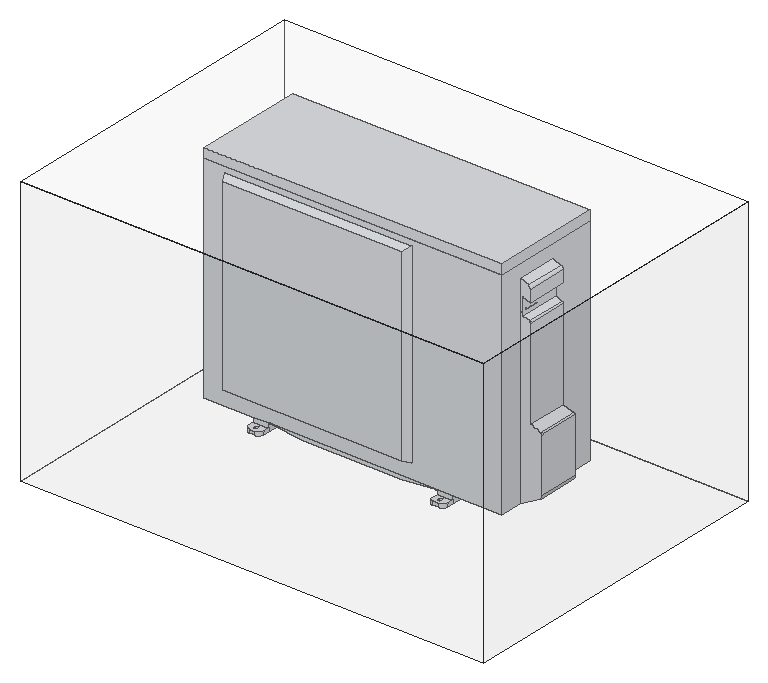
Revit family "puz-zrmp2863ska14_50hz", category 機械設備, Revit 2019 (continued)
Definition of nested family "PUZ-ZRMP-1"
  Lines and regions (mm)
    model lines, visible <- "タイプ1", detail levels fine
      curve 341: arc (-404.5, -100, 64) -> (-404.5, -98.536, 60.464) -> (-404.5, -95, 59) r 5
    model lines, visible <- "タイプ3", not visible
      curve 342: line (-404.5, -100, 907) -> (-404.5, -60, 907)
      curve 343: line (-404.5, -100, 1097) -> (-404.5, -100, 907)
      curve 344: line (-404.5, -60, 1097) -> (-404.5, -100, 1097)
      curve 345: line (-404.5, -60, 907) -> (-404.5, -60, 1097)
      curve 346: line (-404.5, 60, 907) -> (-404.5, 100, 907)
      curve 347: line (-404.5, 60, 1097) -> (-404.5, 60, 907)
      curve 348: line (-404.5, 100, 1097) -> (-404.5, 60, 1097)
      curve 349: line (-404.5, 100, 907) -> (-404.5, 100, 1097)
      curve 350: line (-404.5, -46.667, 907) -> (-404.5, -6.667, 907)
      curve 351: line (-404.5, -46.667, 1097) -> (-404.5, -46.667, 907)
      curve 352: line (-404.5, -6.667, 1097) -> (-404.5, -46.667, 1097)
      curve 353: line (-404.5, -6.667, 907) -> (-404.5, -6.667, 1097)
      curve 354: line (-404.5, 6.667, 907) -> (-404.5, 46.667, 907)
      curve 355: line (-404.5, 6.667, 1097) -> (-404.5, 6.667, 907)
      curve 356: line (-404.5, 46.667, 1097) -> (-404.5, 6.667, 1097)
      curve 357: line (-404.5, 46.667, 907) -> (-404.5, 46.667, 1097)
      curve 358: line (-404.5, -100, 1112) -> (-404.5, -60, 1112)
      curve 359: line (-404.5, -100, 1302) -> (-404.5, -100, 1112)
      curve 360: line (-404.5, -60, 1302) -> (-404.5, -100, 1302)
      curve 361: line (-404.5, -60, 1112) -> (-404.5, -60, 1302)
      curve 362: line (-404.5, 60, 1112) -> (-404.5, 100, 1112)
      curve 363: line (-404.5, 60, 1302) -> (-404.5, 60, 1112)
      curve 364: line (-404.5, 100, 1302) -> (-404.5, 60, 1302)
      curve 365: line (-404.5, 100, 1112) -> (-404.5, 100, 1302)
      curve 366: line (-404.5, -46.667, 1112) -> (-404.5, -6.667, 1112)
      curve 367: line (-404.5, -46.667, 1302) -> (-404.5, -46.667, 1112)
      curve 368: line (-404.5, -6.667, 1302) -> (-404.5, -46.667, 1302)
      curve 369: line (-404.5, -6.667, 1112) -> (-404.5, -6.667, 1302)
      curve 370: line (-404.5, 6.667, 1112) -> (-404.5, 46.667, 1112)
      curve 371: line (-404.5, 6.667, 1302) -> (-404.5, 6.667, 1112)
      curve 372: line (-404.5, 46.667, 1302) -> (-404.5, 6.667, 1302)
      curve 373: line (-404.5, 46.667, 1112) -> (-404.5, 46.667, 1302)
    model lines, visible <- "タイプ2", not visible
      curve 374: line (-600, -100, 33.5) -> (-600, -60, 33.5)
      curve 375: line (-600, -100, 73.5) -> (-600, -100, 33.5)
      curve 376: line (-600, -60, 73.5) -> (-600, -100, 73.5)
      curve 377: line (-600, -60, 33.5) -> (-600, -60, 73.5)
      curve 378: line (-600, 60, 33.5) -> (-600, 100, 33.5)
      curve 379: line (-600, 60, 73.5) -> (-600, 60, 33.5)
      curve 380: line (-600, 100, 73.5) -> (-600, 60, 73.5)
      curve 381: line (-600, 100, 33.5) -> (-600, 100, 73.5)
      curve 382: line (-509, -46.667, 33.5) -> (-509, -6.667, 33.5)
      curve 383: line (-509, -46.667, 73.5) -> (-509, -46.667, 33.5)
      curve 384: line (-509, -6.667, 73.5) -> (-509, -46.667, 73.5)
      curve 385: line (-509, -6.667, 33.5) -> (-509, -6.667, 73.5)
      curve 386: line (-509, 6.667, 33.5) -> (-509, 46.667, 33.5)
      curve 387: line (-509, 6.667, 73.5) -> (-509, 6.667, 33.5)
      curve 388: line (-509, 46.667, 73.5) -> (-509, 6.667, 73.5)
      curve 389: line (-509, 46.667, 33.5) -> (-509, 46.667, 73.5)
      curve 483: line (-404.5, -100, 33.5) -> (-404.5, -60, 33.5)
      curve 484: line (-404.5, -100, 73.5) -> (-404.5, -100, 33.5)
      curve 485: line (-404.5, -60, 73.5) -> (-404.5, -100, 73.5)
      curve 486: line (-404.5, -60, 33.5) -> (-404.5, -60, 73.5)
      curve 487: line (-404.5, 60, 33.5) -> (-404.5, 100, 33.5)
      curve 488: line (-404.5, 60, 73.5) -> (-404.5, 60, 33.5)
      curve 489: line (-404.5, 100, 73.5) -> (-404.5, 60, 73.5)
      curve 490: line (-404.5, 100, 33.5) -> (-404.5, 100, 73.5)
      curve 491: line (-404.5, -46.667, 33.5) -> (-404.5, -6.667, 33.5)
      curve 492: line (-404.5, -46.667, 73.5) -> (-404.5, -46.667, 33.5)
      curve 493: line (-404.5, -6.667, 73.5) -> (-404.5, -46.667, 73.5)
      curve 494: line (-404.5, -6.667, 33.5) -> (-404.5, -6.667, 73.5)
      curve 495: line (-404.5, 6.667, 33.5) -> (-404.5, 46.667, 33.5)
      curve 496: line (-404.5, 6.667, 73.5) -> (-404.5, 6.667, 33.5)
      curve 497: line (-404.5, 46.667, 73.5) -> (-404.5, 6.667, 73.5)
      curve 498: line (-404.5, 46.667, 33.5) -> (-404.5, 46.667, 73.5)
    model lines, not visible
      curve 390: line (-404.5, -100, 87) -> (-404.5, -60, 87)
      curve 391: line (-404.5, -100, 277) -> (-404.5, -100, 87)
      curve 392: line (-404.5, -60, 277) -> (-404.5, -100, 277)
      curve 393: line (-404.5, -60, 87) -> (-404.5, -60, 277)
      curve 394: line (-404.5, -100, 292) -> (-404.5, -60, 292)
      curve 395: line (-404.5, -100, 482) -> (-404.5, -100, 292)
      curve 396: line (-404.5, -60, 482) -> (-404.5, -100, 482)
      curve 397: line (-404.5, -60, 292) -> (-404.5, -60, 482)
      curve 398: line (-404.5, -100, 497) -> (-404.5, -60, 497)
      curve 399: line (-404.5, -100, 687) -> (-404.5, -100, 497)
      curve 400: line (-404.5, -60, 687) -> (-404.5, -100, 687)
      curve 401: line (-404.5, -60, 497) -> (-404.5, -60, 687)
      curve 402: line (-404.5, -100, 702) -> (-404.5, -60, 702)
      curve 403: line (-404.5, -100, 892) -> (-404.5, -100, 702)
      curve 404: line (-404.5, -60, 892) -> (-404.5, -100, 892)
      curve 405: line (-404.5, -60, 702) -> (-404.5, -60, 892)
      curve 406: line (-404.5, 60, 87) -> (-404.5, 100, 87)
      curve 407: line (-404.5, 60, 277) -> (-404.5, 60, 87)
      curve 408: line (-404.5, 100, 277) -> (-404.5, 60, 277)
      curve 409: line (-404.5, 100, 87) -> (-404.5, 100, 277)
      curve 410: line (-404.5, -46.667, 87) -> (-404.5, -6.667, 87)
      curve 411: line (-404.5, -46.667, 277) -> (-404.5, -46.667, 87)
      curve 412: line (-404.5, -6.667, 277) -> (-404.5, -46.667, 277)
      curve 413: line (-404.5, -6.667, 87) -> (-404.5, -6.667, 277)
      curve 414: line (-404.5, 6.667, 87) -> (-404.5, 46.667, 87)
      curve 415: line (-404.5, 6.667, 277) -> (-404.5, 6.667, 87)
      curve 416: line (-404.5, 46.667, 277) -> (-404.5, 6.667, 277)
      curve 417: line (-404.5, 46.667, 87) -> (-404.5, 46.667, 277)
      curve 418: line (-404.5, 60, 292) -> (-404.5, 100, 292)
      curve 419: line (-404.5, 60, 482) -> (-404.5, 60, 292)
      curve 420: line (-404.5, 100, 482) -> (-404.5, 60, 482)
      curve 421: line (-404.5, 100, 292) -> (-404.5, 100, 482)
      curve 422: line (-404.5, 60, 702) -> (-404.5, 100, 702)
      curve 423: line (-404.5, 60, 892) -> (-404.5, 60, 702)
      curve 424: line (-404.5, 100, 892) -> (-404.5, 60, 892)
      curve 425: line (-404.5, 100, 702) -> (-404.5, 100, 892)
      curve 426: line (-404.5, -46.667, 292) -> (-404.5, -6.667, 292)
      curve 427: line (-404.5, -46.667, 482) -> (-404.5, -46.667, 292)
      curve 428: line (-404.5, -6.667, 482) -> (-404.5, -46.667, 482)
      curve 429: line (-404.5, -6.667, 292) -> (-404.5, -6.667, 482)
      curve 430: line (-404.5, -46.667, 497) -> (-404.5, -6.667, 497)
      curve 431: line (-404.5, -46.667, 687) -> (-404.5, -46.667, 497)
      curve 432: line (-404.5, -6.667, 687) -> (-404.5, -46.667, 687)
      curve 433: line (-404.5, -6.667, 497) -> (-404.5, -6.667, 687)
      curve 434: line (-404.5, -46.667, 702) -> (-404.5, -6.667, 702)
      curve 435: line (-404.5, -46.667, 892) -> (-404.5, -46.667, 702)
      curve 436: line (-404.5, -6.667, 892) -> (-404.5, -46.667, 892)
      curve 437: line (-404.5, -6.667, 702) -> (-404.5, -6.667, 892)
      curve 438: line (-404.5, 6.667, 292) -> (-404.5, 46.667, 292)
      curve 439: line (-404.5, 6.667, 482) -> (-404.5, 6.667, 292)
      curve 440: line (-404.5, 46.667, 482) -> (-404.5, 6.667, 482)
      curve 441: line (-404.5, 46.667, 292) -> (-404.5, 46.667, 482)
      curve 442: line (-404.5, 6.667, 497) -> (-404.5, 46.667, 497)
      curve 443: line (-404.5, 6.667, 687) -> (-404.5, 6.667, 497)
      curve 444: line (-404.5, 46.667, 687) -> (-404.5, 6.667, 687)
      curve 445: line (-404.5, 46.667, 497) -> (-404.5, 46.667, 687)
      curve 446: line (-404.5, 6.667, 702) -> (-404.5, 46.667, 702)
      curve 447: line (-404.5, 6.667, 892) -> (-404.5, 6.667, 702)
      curve 448: line (-404.5, 46.667, 892) -> (-404.5, 6.667, 892)
      curve 449: line (-404.5, 46.667, 702) -> (-404.5, 46.667, 892)
      curve 450: line (-338.5, -173.2, 372.5) -> (149.5, -173.2, 372.5)
      curve 451: line (149.5, -173.2, 277.5) -> (-338.5, -173.2, 277.5)
      curve 452: line (-338.5, -173.2, 467.5) -> (149.5, -173.2, 467.5)
      curve 453: line (-338.5, -173.2, 562.5) -> (149.5, -173.2, 562.5)
      curve 454: line (149.5, -173.2, 182.5) -> (-338.5, -173.2, 182.5)
      curve 455: line (149.5, -173.2, 87.5) -> (-338.5, -173.2, 87.5)
      curve 456: line (-321.071, -173.2, 579) -> (-321.071, -173.2, 71)
      curve 457: line (132.071, -173.2, 71) -> (132.071, -173.2, 579)
      curve 458: line (-303.643, -173.2, 579) -> (-303.643, -173.2, 71)
      curve 459: line (-286.214, -173.2, 579) -> (-286.214, -173.2, 71)
      curve 460: line (-268.786, -173.2, 579) -> (-268.786, -173.2, 71)
      curve 461: line (-251.357, -173.2, 579) -> (-251.357, -173.2, 71)
      curve 462: line (-233.929, -173.2, 579) -> (-233.929, -173.2, 71)
      curve 463: line (-216.5, -173.2, 579) -> (-216.5, -173.2, 71)
      curve 464: line (-199.071, -173.2, 579) -> (-199.071, -173.2, 71)
      curve 465: line (-181.643, -173.2, 579) -> (-181.643, -173.2, 71)
      curve 466: line (-164.214, -173.2, 579) -> (-164.214, -173.2, 71)
      curve 467: line (-146.786, -173.2, 579) -> (-146.786, -173.2, 71)
      curve 468: line (-129.357, -173.2, 579) -> (-129.357, -173.2, 71)
      curve 469: line (-111.929, -173.2, 579) -> (-111.929, -173.2, 71)
      curve 470: line (-94.5, -173.2, 579) -> (-94.5, -173.2, 71)
      curve 471: line (-77.071, -173.2, 579) -> (-77.071, -173.2, 71)
      curve 472: line (-59.643, -173.2, 579) -> (-59.643, -173.2, 71)
      curve 473: line (-42.214, -173.2, 579) -> (-42.214, -173.2, 71)
      curve 474: line (-24.786, -173.2, 579) -> (-24.786, -173.2, 71)
      curve 475: line (-7.357, -173.2, 579) -> (-7.357, -173.2, 71)
      curve 476: line (10.071, -173.2, 579) -> (10.071, -173.2, 71)
      curve 477: line (27.5, -173.2, 579) -> (27.5, -173.2, 71)
      curve 478: line (44.929, -173.2, 579) -> (44.929, -173.2, 71)
      curve 479: line (62.357, -173.2, 579) -> (62.357, -173.2, 71)
      curve 480: line (79.786, -173.2, 579) -> (79.786, -173.2, 71)
      curve 481: line (97.214, -173.2, 579) -> (97.214, -173.2, 71)
      curve 482: line (114.643, -173.2, 579) -> (114.643, -173.2, 71)
    symbolic lines, visible <- "タイプ1"
      curve 499: line (-278.151, 150, 630) -> (-404.5, 150, 630)
      curve 500: line (-404.5, 150, 630) -> (-404.5, -5.599, 630)
      curve 501: line (-404.5, 40, 630) -> (-424.5, 30, 630)
      curve 502: line (-424.5, 30, 630) -> (-424.5, -30, 630)
      curve 503: line (-424.5, -30, 630) -> (-404.5, -40, 630)
      curve 504: line (-404.5, -5.599, 630) -> (-404.5, -150, 630)
      curve 505: line (-404.5, -150, 630) -> (-301.612, -150, 630)
      curve 506: arc (-272.806, -170, 630) -> (-268.124, -177.204, 630) -> (-260, -180, 630) r 13.2
      curve 507: line (-260, -180, 630) -> (-243.332, -180, 630)
      curve 508: arc (-243.332, -180, 630) -> (-235.208, -177.204, 630) -> (-230.526, -170, 630) r 13.2
      curve 509: line (-301.612, -150, 630) -> (280.999, -150, 630)
      curve 510: line (230, -150, 630) -> (230, -170, 630)
      curve 511: arc (230, -170, 630) -> (232.929, -177.071, 630) -> (240, -180, 630) r 10
      curve 512: line (240, -180, 630) -> (256.8, -180, 630)
      curve 513: arc (256.8, -180, 630) -> (266.134, -176.134, 630) -> (270, -166.8, 630) r 13.2
      curve 514: line (270, -166.8, 630) -> (270, -150, 630)
      curve 515: line (280.999, -150, 630) -> (404.5, -150, 630)
      curve 516: line (404.5, -150, 630) -> (404.5, -77.105, 630)
      curve 517: line (404.5, -90, 630) -> (466.5, -90, 630)
      curve 518: line (466.5, -90, 630) -> (466.5, 20, 630)
      curve 519: line (466.5, 20, 630) -> (404.5, 20, 630)
      curve 520: line (404.5, -77.105, 630) -> (404.5, 150, 630)
      curve 521: line (404.5, 150, 630) -> (308.975, 150, 630)
      curve 522: line (270, 150, 630) -> (270, 180, 630)
      curve 523: line (270, 180, 630) -> (230, 180, 630)
      curve 524: line (230, 180, 630) -> (230, 150, 630)
      curve 525: line (308.975, 150, 630) -> (-278.151, 150, 630)
      curve 526: line (-230, 150, 630) -> (-230, 180, 630)
      curve 527: line (-230, 180, 630) -> (-270, 180, 630)
      curve 528: line (-270, 180, 630) -> (-270, 150, 630)
      curve 529: line (-324.5, 100, 630) -> (324.5, 100, 630)
      curve 530: line (-324.5, 40, 630) -> (-324.5, 100, 630)
      curve 531: line (324.5, 40, 630) -> (-324.5, 40, 630)
      curve 532: line (324.5, 100, 630) -> (324.5, 40, 630)
      curve 533: line (324.5, 30, 630) -> (-324.5, 30, 630)
      curve 534: line (324.5, -30, 630) -> (324.5, 30, 630)
      curve 535: line (-324.5, -30, 630) -> (324.5, -30, 630)
      curve 536: line (-324.5, 30, 630) -> (-324.5, -30, 630)
      curve 537: line (-324.5, -40, 630) -> (324.5, -40, 630)
      curve 538: line (-324.5, -100, 630) -> (-324.5, -40, 630)
      curve 539: line (324.5, -100, 630) -> (-324.5, -100, 630)
      curve 540: line (324.5, -40, 630) -> (324.5, -100, 630)
      curve 541: line (339.5, 100, 630) -> (354.5, 100, 630)
      curve 542: line (339.5, -100, 630) -> (339.5, 100, 630)
      curve 543: line (354.5, -100, 630) -> (339.5, -100, 630)
      curve 544: line (354.5, 100, 630) -> (354.5, -100, 630)
      curve 545: line (-354.5, 100, 630) -> (-339.5, 100, 630)
      curve 546: line (-354.5, -100, 630) -> (-354.5, 100, 630)
      curve 547: line (-339.5, -100, 630) -> (-354.5, -100, 630)
      curve 548: line (-339.5, 100, 630) -> (-339.5, -100, 630)
      curve 549: line (-338.5, -170, 630) -> (149.5, -170, 630)
      curve 550: line (149.5, -170, 630) -> (159.5, -150, 630)
      curve 551: line (-348.5, -150, 630) -> (-338.5, -170, 630)
  Dimensions and locks
    equal spacing: plane 8, plane 1 "中心(正面/背面)", plane 7
    "奥行き": plane 8 to plane 7
    equal spacing: plane 5, plane 3 "中心(左/右)", plane 6
    "幅さ": plane 5 to plane 6
    "高さ": plane 4 to level
    locked: plane 6 to plane 9 at 62
    locked: plane 8 to plane 10 at 60
    locked: plane 8 to plane 11 at 170
    locked: plane 4 to plane 12 at 25
    locked: plane 13 to plane 5 at 20
    "吊りボルト-D": plane 17 to plane 16
    equal spacing: plane 17, plane 1 "中心(正面/背面)", plane 16
    equal spacing: plane 14, plane 3 "中心(左/右)", plane 15
    "吊りボルト-W": plane 14 to plane 15
    plane 21 to plane 14 to plane 20 = 20 mm locked, 20 mm locked
    plane 19 to plane 15 to plane 18 = 20 mm locked, 20 mm locked
    locked: plane 16 to plane 22 at 15
    locked: plane 23 to plane 17 at 15
    locked: plane 24 to level at 8.5
    locked: plane 25 to level at 20
    locked: plane 26 to plane 24 at 3
    locked: plane 4 to plane 29 at 5
    plane 7 to plane 1 "中心(正面/背面)" to plane 8 = 150 mm, 150 mm
    plane 31 to plane 1 "中心(正面/背面)" to plane 30 = 40 mm locked, 40 mm locked
    plane 33 to plane 1 "中心(正面/背面)" to plane 32 = 30 mm locked, 30 mm locked
    locked: plane 34 to plane 12 at 5
    locked: plane 35 to level at 55
    locked: plane 36 to level at 225
    equal spacing: plane 6, plane 39, plane 9
    locked: plane 6 to plane 38 at 10
    locked: plane 20 to plane 27 at 95
    locked: plane 28 to plane 19 at 95
    "換気-D": plane 40 to plane 8
    "換気-W": plane 41 to plane 5
    "換気-H1": plane 42 to level
    plane 43 to plane 41 to plane 44 = 254 mm locked, 254 mm locked
    plane 45 to plane 42 to plane 46 = 264 mm locked, 264 mm locked
    locked: plane 43 to plane 48 at 10
    locked: plane 47 to plane 44 at 10
    locked: plane 45 to plane 49 at 10
    locked: plane 50 to plane 46 at 10
    locked: curve 26 to plane 50 at 16.5
    locked: plane 49 to curve 24 at 16.5
    equal spacing: curve 24, curve 23, curve 21, curve 22, curve 25, curve 26
    equal spacing: plane 48, curve 28, curve 53, curve 52, curve 51, curve 50, curve 49, curve 48, curve 47, curve 46, curve 45, curve 44, curve 43, curve 42, curve 41, curve 40, curve 39, curve 38, curve 37, curve 36, curve 35, curve 34, curve 33, curve 32, curve 31, curve 30, curve 29, curve 27, plane 47
    locked: curve 4 to curve 6 at 10
    locked: curve 3 to curve 5 at 10
    locked: plane 51 to plane 7 at 50
    locked: plane 8 to plane 52 at 50
    equal spacing: group 1, group 2, group 3, group 4, group 5, group 6, group 7, group 8, group 9, group 10, group 11, group 12, group 13, group 14, group 15, group 16, group 17, group 18  (x2)
    equal spacing: group 18, group 17, group 16, group 15, group 14, group 13, group 12, group 11, group 10, group 9, group 8, group 7, group 6, group 5, group 4, group 3, group 2, group 1
    "ドレン管径-X": plane 5 to plane 53
    "ドレン管径-Y": plane 8 to plane 54
    "配線取出口-Y": plane 57 to plane 7
    "冷媒液管径-Y": plane 58 to plane 7
    "冷媒ガス管径-Y": plane 59 to plane 7
    "配線取出口-X": plane 3 "中心(左/右)" to plane 56
    "冷媒ガス管径-X": plane 3 "中心(左/右)" to plane 55
    "冷媒液管径-X": plane 3 "中心(左/右)" to plane 60
    "冷媒液管径-Z": plane 62 to level
    "冷媒ガス管径-Z": plane 61 to level
    "配線取出口-Z": plane 63 to level
    locked: plane 57 to plane 64 at 50
    locked: plane 65 to plane 61 at 37.8
    locked: plane 66 to plane 62 at 16.1
    equal spacing: plane 55, plane 67, plane 60
    equal spacing: plane 58, plane 68, plane 59
    "a": plane 69 "グループ" to plane 3 "中心(左/右)"
    plane 71 to level = 943 mm
    plane 70 to level = 1338 mm
    locked: plane 37 to level at 570
    curve 21 to plane 42 to curve 22 = 47.5 mm locked, 47.5 mm locked
    "換気-H2": plane 72 to plane 42
    plane 73 to plane 72 to plane 74 = 264 mm locked, 264 mm locked
    locked: plane 76 to plane 74 at 10
    locked: plane 73 to plane 75 at 10
    plane 48 to plane 47 = 488 mm
    plane 68 to plane 7 = 185.5 mm
    plane 61 to level = 99.5 mm
    plane 65 to plane 61 = 37.8 mm
    plane 62 to level = 164.5 mm
    plane 66 to plane 62 = 16.1 mm
    plane 68 to plane 77 to plane 78 = 23 mm locked, 17.5 mm locked
    plane 68 to plane 77 = 23 mm
    plane 77 to plane 78 = 17.5 mm
    equal spacing: plane 77, plane 79, plane 78
    "ドレン配管サイズ": diameter of Extrusion 3 sketch curve
    "配線取出口サイズ": diameter of Extrusion 9 sketch curve
    "吊りボルト-φ": diameter of Extrusion 10 sketch curve  (x4)
    "冷媒配管サイズ": diameter of Sweep 11 sketch curve
    "ガス配管サイズ": diameter of Sweep 12 sketch curve
    aligned and locked: level to plane 2
    aligned and locked: Extrusion 1 to level
    aligned and locked: plane 25 to Extrusion 1
    aligned and locked: Extrusion 2 sketch curve to plane 25
    aligned and locked: Extrusion 2 sketch curve to plane 26
    aligned and locked: Extrusion 2 to plane 7
    aligned and locked: plane 8 to Extrusion 2
    aligned and locked: Extrusion 3 to plane 26
    aligned and locked: Extrusion 3 to plane 24
    aligned and locked: Extrusion 4 sketch curve to plane 7
    aligned and locked: Extrusion 4 sketch curve to plane 8
    aligned and locked: Extrusion 4 sketch curve to plane 5
    aligned and locked: Extrusion 4 sketch curve to plane 6
    aligned and locked: Extrusion 4 to plane 25
    aligned and locked: plane 12 to Extrusion 4
    aligned and locked: Extrusion 5 sketch curve to Extrusion 4  (x4)
    aligned and locked: Extrusion 5 to plane 12
    aligned and locked: plane 4 to Extrusion 5
    aligned and locked: plane 29 to Blend 6 sketch curve
    aligned and locked: Blend 6 sketch curve to plane 31
    aligned and locked: Blend 6 sketch curve to plane 12  (x2)
    aligned and locked: plane 30 to Blend 6 sketch curve
    aligned and locked: plane 34 to Blend 6 sketch curve
    aligned and locked: Blend 6 sketch curve to plane 33
    aligned and locked: plane 32 to Blend 6 sketch curve
    aligned and locked: Blend 6 to plane 13
    aligned and locked: plane 5 to Blend 6
    aligned and locked: Extrusion 7 sketch curve to plane 6
    aligned and locked: Extrusion 7 sketch curve to plane 9
    aligned and locked: Extrusion 7 sketch curve to plane 39
    aligned and locked: Extrusion 7 sketch curve to Extrusion 7 sketch curve
    aligned and locked: Extrusion 7 sketch curve to plane 38
    aligned and locked: Extrusion 7 to plane 11
    aligned and locked: plane 10 to Extrusion 7
    aligned and locked: Blend 8 sketch curve to plane 45
    aligned and locked: Blend 8 sketch curve to plane 46
    aligned and locked: Blend 8 sketch curve to plane 44
    aligned and locked: Blend 8 sketch curve to plane 43
    aligned and locked: Blend 8 sketch curve to plane 49
    aligned and locked: Blend 8 sketch curve to plane 47
    aligned and locked: Blend 8 sketch curve to plane 48
    aligned and locked: Blend 8 sketch curve to plane 50
    aligned and locked: Blend 8 to plane 8
    aligned and locked: plane 40 to Blend 8
    aligned and locked: curve 17 to plane 51
    aligned and locked: curve 1 to plane 51
    aligned and locked: plane 51 to curve 19
    aligned and locked: curve 18 to plane 52
    aligned and locked: plane 52 to curve 2
    aligned and locked: plane 52 to curve 20
    aligned and locked: plane 53 to Extrusion 3 sketch curve
    aligned and locked: plane 54 to Extrusion 3 sketch curve
    aligned and locked: plane 63 to Extrusion 9 sketch curve
    aligned and locked: plane 56 to Extrusion 9 sketch curve
    aligned and locked: plane 57 to Extrusion 9
    aligned and locked: Extrusion 9 to plane 64
    aligned and locked: plane 22 to Extrusion 10 sketch curve  (x4)
    aligned and locked: plane 21 to Extrusion 10 sketch curve
    aligned and locked: Extrusion 2 to Extrusion 10 sketch curve  (x2)
    aligned and locked: Extrusion 10 sketch curve to Extrusion 1  (x6)
    aligned and locked: plane 19 to Extrusion 10 sketch curve
    aligned and locked: Extrusion 10 sketch curve to plane 23  (x2)
    aligned and locked: Extrusion 10 sketch curve to plane 18
    aligned and locked: Extrusion 10 sketch curve to plane 20
    aligned and locked: plane 16 to Extrusion 10 sketch curve  (x2)
    aligned and locked: plane 14 to Extrusion 10 sketch curve  (x2)
    aligned and locked: plane 17 to Extrusion 10 sketch curve  (x2)
    aligned and locked: plane 15 to Extrusion 10 sketch curve  (x2)
    aligned and locked: level to Extrusion 10
    aligned and locked: plane 24 to Extrusion 10
    aligned and locked: Masking region 1 sketch curve to Extrusion 5  (x4)
    aligned and locked: Masking region 1 sketch curve to Blend 6  (x3)
    aligned and locked: Masking region 1 sketch curve to Extrusion 7  (x2)
    aligned and locked: Masking region 1 sketch curve to plane 9
    aligned and locked: Masking region 1 sketch curve to Extrusion 10  (x8)
    aligned and locked: Masking region 1 to curve 499
    aligned and locked: curve 500 to Masking region 1
    aligned and locked: curve 501 to Masking region 1
    aligned and locked: curve 502 to Masking region 1
    aligned and locked: curve 503 to Masking region 1
    aligned and locked: curve 504 to Masking region 1
    aligned and locked: curve 505 to Masking region 1
    aligned and locked: curve 506 to Masking region 1
    aligned and locked: curve 508 to Masking region 1
    aligned and locked: curve 510 to Masking region 1
    aligned and locked: curve 511 to Masking region 1
    aligned and locked: curve 513 to Masking region 1
    aligned and locked: Masking region 1 to curve 515
    aligned and locked: curve 516 to Masking region 1
    aligned and locked: curve 517 to Masking region 1
    aligned and locked: curve 518 to Masking region 1
    aligned and locked: curve 519 to Masking region 1
    aligned and locked: curve 520 to Masking region 1
    aligned and locked: curve 521 to Masking region 1
    aligned and locked: curve 522 to Masking region 1
    aligned and locked: curve 523 to Masking region 1
    aligned and locked: curve 524 to Masking region 1
    aligned and locked: curve 525 to Masking region 1
    aligned and locked: curve 526 to Masking region 1
    aligned and locked: curve 527 to Masking region 1
    aligned and locked: curve 528 to Masking region 1
    aligned and locked: curve 532 to curve 12
    aligned and locked: Masking region 1 sketch curve to curve 21
    aligned and locked: Masking region 1 sketch curve to Blend 8  (x2)
    aligned and locked: curve 549 to Blend 8
    aligned and locked: curve 550 to Blend 8
    aligned and locked: curve 551 to Blend 8
    aligned and locked: plane 78 to Sweep 12 sketch curve
    aligned and locked: plane 58 to Sweep 12 sketch curve
    aligned and locked: plane 77 to Sweep 11 sketch curve
    aligned and locked: plane 58 to Sweep 11 sketch curve
    aligned and locked: plane 61 to Sweep 12 sketch curve
  Automatic sketch dimensions
    Extrusion 2 sketch curve to plane 20 = 0 mm
    Extrusion 2 sketch curve to plane 27 = 0 mm
    Extrusion 2 sketch curve to plane 28 = 0 mm
    Extrusion 2 sketch curve to plane 19 = 0 mm
    Extrusion 7 sketch curve to plane 39 = 0 mm
    Extrusion 7 sketch curve to plane 25 = 0 mm
    Extrusion 7 sketch curve to plane 36 = 0 mm
    Extrusion 7 sketch curve to plane 37 = 0 mm
    Extrusion 7 sketch curve to Extrusion 7 sketch curve = 10 mm
    Extrusion 7 sketch curve to plane 39 = 6.58 mm
    Extrusion 7 sketch curve to Extrusion 7 sketch curve = 5 mm  (x2)
    plane 39 to Extrusion 7 sketch curve = 21 mm
    Extrusion 7 sketch curve to plane 39 = 3.29 mm
    Extrusion 7 sketch curve to plane 9 = 3.29 mm
    Extrusion 7 sketch curve to plane 35 = 2.87 mm
    Extrusion 7 sketch curve to Extrusion 7 sketch curve = 81.633 mm
    Extrusion 7 sketch curve to Extrusion 7 sketch curve = 30.244 mm
    Extrusion 7 sketch curve to Extrusion 7 sketch curve = 7.643 mm
    plane 7 to Extrusion 1 sketch curve = 0 mm  (x2)
    Extrusion 1 sketch curve to plane 18 = 0 mm
    plane 8 to Extrusion 1 sketch curve = 0 mm  (x2)
    Extrusion 1 sketch curve to plane 19 = 0 mm
    Extrusion 1 sketch curve to plane 20 = 0 mm
    Extrusion 1 sketch curve to plane 21 = 0 mm
    curve 383 to curve 384 = 40 mm
    curve 382 to curve 386 = 13.333 mm
    curve 386 to curve 386 = 40 mm
    curve 382 to curve 389 = 0 mm
    curve 382 to curve 384 = 40 mm
    curve 384 to curve 387 = 0 mm
    curve 375 to curve 376 = 40 mm
    curve 374 to curve 378 = 120 mm
    curve 378 to curve 378 = 40 mm
    curve 374 to curve 381 = 0 mm
    curve 374 to curve 376 = 40 mm
    curve 378 to curve 379 = 40 mm
    curve 25 to plane 47 = 0 mm
    curve 24 to plane 47 = 0 mm
    curve 22 to plane 47 = 0 mm
    curve 23 to plane 47 = 0 mm
    curve 26 to plane 47 = 0 mm
    curve 21 to plane 47 = 0 mm
    curve 24 to plane 48 = 0 mm
    curve 25 to plane 48 = 0 mm
    curve 26 to plane 48 = 0 mm
    curve 23 to plane 48 = 0 mm
    curve 22 to plane 48 = 0 mm
    curve 21 to plane 48 = 0 mm
    curve 37 to plane 50 = 0 mm
    curve 52 to plane 50 = 0 mm
    curve 51 to plane 50 = 0 mm
    curve 50 to plane 50 = 0 mm
    curve 49 to plane 50 = 0 mm
    curve 48 to plane 50 = 0 mm
    curve 47 to plane 50 = 0 mm
    curve 46 to plane 50 = 0 mm
    curve 45 to plane 50 = 0 mm
    curve 44 to plane 50 = 0 mm
    curve 43 to plane 50 = 0 mm
    curve 42 to plane 50 = 0 mm
    curve 41 to plane 50 = 0 mm
    curve 27 to plane 50 = 0 mm
    curve 28 to plane 50 = 0 mm
    curve 40 to plane 50 = 0 mm
    curve 39 to plane 50 = 0 mm
    curve 29 to plane 50 = 0 mm
    curve 38 to plane 50 = 0 mm
    curve 30 to plane 50 = 0 mm
    curve 53 to plane 50 = 0 mm
    curve 31 to plane 50 = 0 mm
    curve 36 to plane 50 = 0 mm
    curve 32 to plane 50 = 0 mm
    curve 35 to plane 50 = 0 mm
    curve 33 to plane 50 = 0 mm
    curve 34 to plane 50 = 0 mm
    curve 28 to plane 49 = 0 mm
    curve 41 to plane 49 = 0 mm
    curve 27 to plane 49 = 0 mm
    curve 42 to plane 49 = 0 mm
    curve 31 to plane 49 = 0 mm
    curve 40 to plane 49 = 0 mm
    curve 37 to plane 49 = 0 mm
    curve 39 to plane 49 = 0 mm
    curve 32 to plane 49 = 0 mm
    curve 45 to plane 49 = 0 mm
    curve 36 to plane 49 = 0 mm
    curve 46 to plane 49 = 0 mm
    curve 43 to plane 49 = 0 mm
    curve 47 to plane 49 = 0 mm
    curve 29 to plane 49 = 0 mm
    curve 48 to plane 49 = 0 mm
    curve 30 to plane 49 = 0 mm
    curve 49 to plane 49 = 0 mm
    curve 44 to plane 49 = 0 mm
    curve 50 to plane 49 = 0 mm
    curve 33 to plane 49 = 0 mm
    curve 51 to plane 49 = 0 mm
    curve 35 to plane 49 = 0 mm
    curve 52 to plane 49 = 0 mm
    curve 38 to plane 49 = 0 mm
    curve 53 to plane 49 = 0 mm
    curve 34 to plane 49 = 0 mm
    Masking region 1 sketch curve to plane 5 = 0 mm
    Masking region 1 sketch curve to plane 6 = 0 mm
    plane 7 to Masking region 1 sketch curve = 0 mm  (x2)
    Masking region 1 sketch curve to plane 15 = 10 mm
    Masking region 1 sketch curve to plane 19 = 0 mm
    plane 8 to Masking region 1 sketch curve = 0 mm  (x2)
    plane 32 to curve 535 = 0 mm
    plane 33 to curve 534 = 0 mm
    curve 541 to plane 56 = 45.5 mm
    curve 13 to curve 20 = 15 mm
    plane 18 to curve 535 = 54.5 mm
    curve 532 to curve 6 = 0 mm
    curve 537 to curve 5 = 0 mm
    plane 47 to curve 536 = 14 mm
    plane 47 to curve 538 = 14 mm
    plane 47 to curve 1 = 14 mm
    curve 16 to plane 47 = 1 mm
    curve 15 to plane 44 = 6 mm
    plane 1 "中心(正面/背面)" to curve 504 = 5.599 mm
    curve 528 to curve 499 = 8.151 mm
    curve 521 to curve 522 = 38.975 mm
    curve 516 to plane 10 = 12.895 mm
    curve 515 to curve 514 = 10.999 mm
    plane 40 to Masking region 1 sketch curve = 0 mm
    Masking region 1 sketch curve to plane 40 = 3.2 mm  (x2)
    Masking region 1 sketch curve to plane 14 = 10 mm
    Masking region 1 sketch curve to plane 20 = 0.526 mm
    curve 509 to plane 21 = 31.612 mm
    Sweep 12 sketch curve to plane 65 = 0 mm
    Sweep 11 sketch curve to plane 62 = 0 mm
    Sweep 11 sketch curve to plane 66 = 0 mm
    plane 40 to Extrusion 10 sketch curve = 0 mm
    plane 17 to Extrusion 10 sketch curve = 0 mm  (x2)
    Extrusion 10 sketch curve to Extrusion 10 sketch curve = 1.8 mm  (x3)
    plane 17 to Extrusion 10 sketch curve = 1.8 mm  (x2)
    Extrusion 10 sketch curve to Extrusion 10 sketch curve = 0 mm
    Sweep 11 sketch curve to plane 67 = 0 mm
    Sweep 11 sketch curve to profile plane = 0 mm
    Sweep 12 sketch curve to plane 67 = 0 mm
    Sweep 12 sketch curve to profile plane = 0 mm
Definition of nested family "固定点"
  Parameters (values of type "固定点")
    中心円 = if(W > 599 mm, 12 mm, 10 mm)  # 12 mm
    W = 1000 mm
    D = 1000 mm
  Reference planes
    plane 1 "中心(正面/背面)": y = 0
    plane 2: z = 0
    plane 3 "中心(左/右)": x = 0
    plane 4: x = 1000
    plane 5: y = 1000
  Lines and regions (mm)
    symbolic lines, detail levels fine
      curve 1: circle (0, 1000, 0) r 6 normal (0, 0, 1)
      curve 2: circle (0, 0, 0) r 6 normal (0, 0, 1)
      curve 3: circle (1000, 1000, 0) r 6 normal (0, 0, 1)
      curve 4: circle (1000, 0, 0) r 6 normal (0, 0, 1)
      curve 5: line (-200, 1000, 0) -> (1200, 1000, 0)
      curve 6: line (-200, 0, 0) -> (1200, 0, 0)
      curve 7: line (0, 1200, 0) -> (0, -200, 0)
      curve 8: line (1000, 1200, 0) -> (1000, -200, 0)
  Dimensions and locks
    "W": plane 3 "中心(左/右)" to plane 4
    "D": plane 1 "中心(正面/背面)" to plane 5
    "中心円": diameter of curve 1
    "中心円": diameter of curve 2
    "中心円": diameter of curve 3
    "中心円": diameter of curve 4
    aligned and locked: level to plane 2
    aligned and locked: plane 5 to curve 1
    aligned and locked: plane 3 "中心(左/右)" to curve 1
    aligned and locked: plane 3 "中心(左/右)" to curve 2
    aligned and locked: plane 1 "中心(正面/背面)" to curve 2
    aligned and locked: plane 4 to curve 3
    aligned and locked: plane 5 to curve 3
    aligned and locked: plane 1 "中心(正面/背面)" to curve 4
    aligned and locked: plane 4 to curve 4
    aligned and locked: plane 1 "中心(正面/背面)" to curve 6
    aligned and locked: curve 7 to plane 3 "中心(左/右)"
    aligned and locked: curve 8 to plane 4
  Automatic sketch dimensions
    curve 5 to plane 5 = 0 mm
    curve 6 to plane 3 "中心(左/右)" = 200 mm
    curve 5 to plane 3 "中心(左/右)" = 200 mm
    curve 4 to curve 6 = 200 mm
    curve 3 to curve 5 = 200 mm
    plane 1 "中心(正面/背面)" to curve 8 = 200 mm
    plane 1 "中心(正面/背面)" to curve 7 = 200 mm
    curve 3 to curve 8 = 200 mm
    curve 1 to curve 7 = 200 mm
Types (12, lengths in mm): name | 音響パワーレベル_冷房 (dB) | 音響パワーレベル_暖房 (dB) | 音響パワーレベル(dB) | 電動機出力_圧縮機 | 質量 | 製品質量 | 相 | 構成品番 | 極数 | 最小電線太さ_mm2 | 暖房能力 | 推奨ブレーカー容量 | 冷房能力
  室外機_PUZ-ZRMP28SKA14 (-BS_BSG) | 64 | 66 | 66 | 0.5 kW | 44.40 kg | 37.00 kg | 1 | "PUZ-ZRMP28SKA14 (-BS,-BSG)" | 1 | 3.5 | 2.8 kW | 20 A | 2.5 kW
  室外機_PUZ-ZRMP28KA14 (-BS_BSG) | 64 | 66 | 66 | 0.5 kW | 43.20 kg | 36.00 kg | 3 | "PUZ-ZRMP28KA14 (-BS,-BSG)" | 3 | 2 | 2.8 kW | 15 A | 2.5 kW
  室外機_PUZ-ZRMP40SKA14 (-BS_BSG) | 64 | 66 | 66 | 0.6 kW | 51.60 kg | 43.00 kg | 1 | "PUZ-ZRMP40SKA14 (-BS,-BSG)" | 1 | 3.5 | 4 kW | 20 A | 3.6 kW
  室外機_PUZ-ZRMP40KA14 (-BS_BSG) | 64 | 66 | 66 | 0.6 kW | 49.20 kg | 41.00 kg | 3 | "PUZ-ZRMP40KA14 (-BS,-BSG)" | 3 | 2 | 4 kW | 15 A | 3.6 kW
  室外機_PUZ-ZRMP45SKA14 (-BS_BSG) | 64 | 66 | 66 | 0.7 kW | 51.60 kg | 43.00 kg | 1 | "PUZ-ZRMP45SKA14 (-BS,-BSG)" | 1 | 3.5 | 4.5 kW | 20 A | 4 kW
  室外機_PUZ-ZRMP45KA14 (-BS_BSG) | 64 | 66 | 66 | 0.7 kW | 49.20 kg | 41.00 kg | 3 | "PUZ-ZRMP45KA14 (-BS,-BSG)" | 3 | 2 | 4.5 kW | 15 A | 4 kW
  室外機_PUZ-ZRMP50SKA14 (-BS_BSG) | 65 | 67 | 67 | 0.8 kW | 51.60 kg | 43.00 kg | 1 | "PUZ-ZRMP50SKA14 (-BS,-BSG)" | 1 | 3.5 | 5 kW | 20 A | 4.5 kW
  室外機_PUZ-ZRMP50KA14 (-BS_BSG) | 65 | 67 | 67 | 0.8 kW | 49.20 kg | 41.00 kg | 3 | "PUZ-ZRMP50KA14 (-BS,-BSG)" | 3 | 2 | 5 kW | 15 A | 4.5 kW
  室外機_PUZ-ZRMP56SKA14 (-BS_BSG) | 65 | 67 | 67 | 0.9 kW | 51.60 kg | 43.00 kg | 1 | "PUZ-ZRMP56SKA14 (-BS,-BSG)" | 1 | 3.5 | 5.6 kW | 20 A | 5 kW
  室外機_PUZ-ZRMP56KA14 (-BS_BSG) | 65 | 67 | 67 | 0.9 kW | 49.20 kg | 41.00 kg | 3 | "PUZ-ZRMP56KA14 (-BS,-BSG)" | 3 | 2 | 5.6 kW | 15 A | 5 kW
  室外機_PUZ-ZRMP63SKA14 (-BS_BSG) | 65 | 67 | 67 | 1.2 kW | 51.60 kg | 43.00 kg | 1 | "PUZ-ZRMP63SKA14 (-BS,-BSG)" | 1 | 3.5 | 6.3 kW | 30 A | 5.6 kW
  室外機_PUZ-ZRMP63KA14 (-BS_BSG) | 65 | 67 | 67 | 1.2 kW | 50.40 kg | 42.00 kg | 3 | "PUZ-ZRMP63KA14 (-BS,-BSG)" | 3 | 2 | 6.3 kW | 15 A | 5.6 kW
